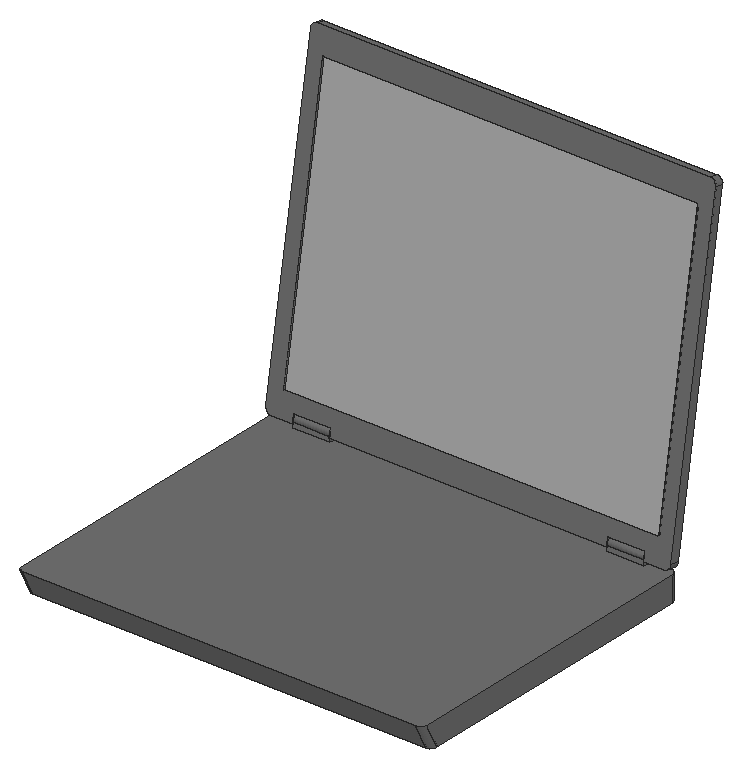
Revit family "laptop_2913", category Специальное оборудование, Revit 2017
Family settings
  Размер круглого соединителя = Использовать диаметр
  Тип детали = Не определено
  На основе рабочей плоскости = Да
  Всегда вертикально = Да
  При загрузке вырезать с полостями = Нет
  Общий = Нет
  Точка расчета площади = Нет
Parameters
  R = 5 mm
  Default Elevation = 1219.2 mm
Reference planes
  plane 1 "Center (Front/Back)": through (0, -4.238, -0.682) normal (0, -0.9848, 0.1736)
  plane 2: z = 0
  plane 3 "Center (Left/Right)": x = 0
  plane 4: y = -260
  plane 5: x = -165
  plane 6: x = 165
  plane 7: y = -250
  plane 8: z = 20
  plane 9: through (0, 0.971, 28.862) normal (0, 0.9848, -0.1736)
  plane 10: z = 23
  plane 11: through (-315.771, -1454.206, 552.506) normal (0, 0.1736, 0.9848)
  plane 12: x = -153
  plane 13: x = 153
  plane 14: through (-315.771, -1457.679, 532.81) normal (0, 0.1736, 0.9848)
  plane 15: through (-315.771, -1497.618, 306.305) normal (0, 0.1736, 0.9848)
  plane 16: x = -143
  plane 17: x = 143
  plane 18: x = -113
  plane 19: x = 113
  plane 20: through (-315.771, -1499.876, 293.502) normal (0, 0.1736, 0.9848)
  plane 21: through (0, -2.475, 29.47) normal (0, 0.9848, -0.1736)
  plane 22: y = -180
  plane 23: y = -50
  plane 24: x = -145
  plane 25: x = 145
  plane 26: y = -40
  plane 27: x = 90
  plane 28: x = 35
  plane 29: x = -35
  plane 30: y = -190
Forms (mm)
  Blend 1, solid
    base sketch origin (0, 0, 0) x (1, 0, 0) y (0, 1, 0)
      loop
        arc (-160, 0) -> (-163.536, -1.464) -> (-165, -5) r 5
        line (-165, -5) -> (-165, -245)
        arc (-165, -245) -> (-163.536, -248.536) -> (-160, -250) r 5
        line (-160, -250) -> (160, -250)
        arc (160, -250) -> (163.536, -248.536) -> (165, -245) r 5
        line (165, -245) -> (165, -5)
        arc (165, -5) -> (163.536, -1.464) -> (160, 0) r 5
        line (160, 0) -> (-160, 0)
    top sketch origin (0, 0, 0) x (1, 0, 0) y (0, 1, 0)
      loop
        arc (-160, 0) -> (-163.536, -1.464) -> (-165, -5) r 5
        line (-165, -5) -> (-165, -255)
        arc (-165, -255) -> (-163.536, -258.536) -> (-160, -260) r 5
        line (-160, -260) -> (160, -260)
        arc (160, -260) -> (163.536, -258.536) -> (165, -255) r 5
        line (165, -255) -> (165, -5)
        arc (165, -5) -> (163.536, -1.464) -> (160, 0) r 5
        line (160, 0) -> (-160, 0)
    from 0 to 20
  Extrusion 2, solid
    sketch origin (0, 0.971, 28.862) x (0, -0.173648, -0.984808) y (-1, 0, 0)
      loop
        line (-263, 160) -> (-263, -160)
        arc (-263, -160) -> (-261.536, -163.536) -> (-258, -165) r 5
        line (-258, -165) -> (2, -165)
        arc (2, -165) -> (5.536, -163.536) -> (7, -160) r 5
        line (7, -160) -> (7, 160)
        arc (7, 160) -> (5.536, 163.536) -> (2, 165) r 5
        line (2, 165) -> (-258, 165)
        arc (-258, 165) -> (-261.536, 163.536) -> (-263, 160) r 5
    from 0 to -7
  Extrusion 3, void
    sketch origin (0, 0.971, 28.862) x (0, 0.173648, 0.984808) y (-1, 0, 0)
      loop
        line (243, 153) -> (13, 153) -> (13, -153) -> (243, -153) -> (243, 153)
    from 2 to 7
  Extrusion 4, solid
    sketch origin (0, 0.971, 28.862) x (0, -0.173648, -0.984808) y (-1, 0, 0)
      loop
        line (-243, 153) -> (-243, -153) -> (-13, -153) -> (-13, 153) -> (-243, 153)
    from -2 to -6
  Extrusion 5, void
    sketch origin (0, 0.971, 28.862) x (0, 0.173648, 0.984808) y (-1, 0, 0)
      loop
        line (0, 143) -> (-7, 143) -> (-7, 113) -> (0, 113) -> (0, 143)
      loop
        line (0, -113) -> (-7, -113) -> (-7, -143) -> (0, -143) -> (0, -113)
    from 0 to 7
  Extrusion 6, solid
    sketch origin (0, -4.238, -0.682) x (0, 0.984808, -0.173648) y (0, 0.173648, 0.984808)
      loop
        arc (-1.017, 23.845) -> (-3.476, 29.811) -> (-6.017, 23.879) r 3.5
        line (-6.017, 23.879) -> (-6.017, 20) -> (-1.017, 20) -> (-1.017, 23.845)
    from -143 to -113
  Extrusion 7, solid
    sketch origin (256, -4.238, -0.682) x (0, 0.984808, -0.173648) y (0, 0.173648, 0.984808)
      loop
        arc (-1.017, 23.845) -> (-3.476, 29.811) -> (-6.017, 23.879) r 3.5
        line (-6.017, 23.879) -> (-6.017, 20) -> (-1.017, 20) -> (-1.017, 23.845)
    from -143 to -113
Cuts and joins
  Extrusion 3, Extrusion 5 cuts Extrusion 2
Lines and regions (mm)
  model lines
    curve 1: line (140, -180, 20) -> (-140, -180, 20)
    curve 2: line (-145, -55, 20) -> (-145, -175, 20)
    curve 3: line (90, -50, 20) -> (-140, -50, 20)
    curve 4: line (90, -45, 20) -> (90, -50, 20)
    curve 5: line (145, -45, 20) -> (145, -175, 20)
    curve 6: line (140, -40, 20) -> (95, -40, 20)
    curve 7: arc (-140, -50, 20) -> (-143.536, -51.464, 20) -> (-145, -55, 20) r 5
    curve 8: arc (-145, -175, 20) -> (-143.536, -178.536, 20) -> (-140, -180, 20) r 5
    curve 9: arc (140, -180, 20) -> (143.536, -178.536, 20) -> (145, -175, 20) r 5
    curve 10: arc (140, -40, 20) -> (143.536, -41.464, 20) -> (145, -45, 20) r 5
    curve 11: arc (95, -40, 20) -> (91.464, -41.464, 20) -> (90, -45, 20) r 5
    curve 12: line (-30, -190, 20) -> (30, -190, 20)
    curve 13: line (-35, -245, 20) -> (-35, -195, 20)
    curve 14: line (30, -250, 20) -> (-30, -250, 20)
    curve 15: line (35, -195, 20) -> (35, -245, 20)
    curve 16: arc (-30, -190, 20) -> (-33.536, -191.464, 20) -> (-35, -195, 20) r 5
    curve 17: arc (30, -190, 20) -> (33.536, -191.464, 20) -> (35, -195, 20) r 5
    curve 18: arc (35, -245, 20) -> (33.536, -248.536, 20) -> (30, -250, 20) r 5
    curve 19: arc (-35, -245, 20) -> (-33.536, -248.536, 20) -> (-30, -250, 20) r 5
    curve 20: line (-35, -245, 20) -> (35, -245, 20)
    curve 21: line (-35, -237, 20) -> (35, -237, 20)
    curve 22: line (0, -237, 20) -> (0, -245, 20)
    curve 23: line (-142.5, -55, 20) -> (-142.5, -167.5, 20)
    curve 24: line (142.5, -42.5, 20) -> (142.5, -174.865, 20)
    curve 25: line (-142.5, -55, 20) -> (92.5, -55, 20)
    curve 26: line (-142.5, -67.5, 20) -> (142.5, -67.5, 20)
    curve 27: line (-142.5, -87.5, 20) -> (142.5, -87.5, 20)
    curve 28: line (-142.5, -107.5, 20) -> (142.5, -107.5, 20)
    curve 29: line (-142.5, -127.5, 20) -> (142.5, -127.5, 20)
    curve 30: line (-142.5, -147.5, 20) -> (142.5, -147.5, 20)
    curve 31: line (-142.5, -167.5, 20) -> (89.5, -167.5, 20)
    curve 32: line (-123.5, -67.5, 20) -> (-123.5, -87.5, 20)
    curve 33: line (-104.5, -67.5, 20) -> (-104.5, -87.5, 20)
    curve 34: line (-85.5, -67.5, 20) -> (-85.5, -87.5, 20)
    curve 35: line (-66.5, -67.5, 20) -> (-66.5, -87.5, 20)
    curve 36: line (-47.5, -67.5, 20) -> (-47.5, -87.5, 20)
    curve 37: line (-28.5, -67.5, 20) -> (-28.5, -87.5, 20)
    curve 38: line (-9.5, -67.5, 20) -> (-9.5, -87.5, 20)
    curve 39: line (9.5, -67.5, 20) -> (9.5, -87.5, 20)
    curve 40: line (28.5, -67.5, 20) -> (28.5, -87.5, 20)
    curve 41: line (47.5, -67.5, 20) -> (47.5, -87.5, 20)
    curve 42: line (66.5, -67.5, 20) -> (66.5, -87.5, 20)
    curve 43: line (85.5, -67.5, 20) -> (85.5, -87.5, 20)
    curve 44: line (104.5, -67.5, 20) -> (104.5, -87.5, 20)
    curve 45: line (-114, -87.5, 20) -> (-114, -107.5, 20)
    curve 46: line (-95, -87.5, 20) -> (-95, -107.5, 20)
    curve 47: line (-76, -87.5, 20) -> (-76, -107.5, 20)
    curve 48: line (-57, -87.5, 20) -> (-57, -107.5, 20)
    curve 49: line (-38, -87.5, 20) -> (-38, -107.5, 20)
    curve 50: line (-19, -87.5, 20) -> (-19, -107.5, 20)
    curve 51: line (0, -87.5, 20) -> (0, -107.5, 20)
    curve 52: line (19, -87.5, 20) -> (19, -107.5, 20)
    curve 53: line (38, -87.5, 20) -> (38, -107.5, 20)
    curve 54: line (57, -87.5, 20) -> (57, -107.5, 20)
    curve 55: line (76, -87.5, 20) -> (76, -107.5, 20)
    curve 56: line (95, -87.5, 20) -> (95, -107.5, 20)
    curve 57: line (114, -87.5, 20) -> (114, -107.5, 20)
    curve 58: line (-109, -107.5, 20) -> (-109, -127.5, 20)
    curve 59: line (-90, -107.5, 20) -> (-90, -127.5, 20)
    curve 60: line (-71, -107.5, 20) -> (-71, -127.5, 20)
    curve 61: line (-52, -107.5, 20) -> (-52, -127.5, 20)
    curve 62: line (-33, -107.5, 20) -> (-33, -127.5, 20)
    curve 63: line (-14, -107.5, 20) -> (-14, -127.5, 20)
    curve 64: line (5, -107.5, 20) -> (5, -127.5, 20)
    curve 65: line (24, -107.5, 20) -> (24, -127.5, 20)
    curve 66: line (43, -107.5, 20) -> (43, -127.5, 20)
    curve 67: line (62, -107.5, 20) -> (62, -127.5, 20)
    curve 68: line (81, -107.5, 20) -> (81, -127.5, 20)
    curve 69: line (100, -107.5, 20) -> (100, -127.5, 20)
    curve 70: line (-100.5, -127.5, 20) -> (-100.5, -147.5, 20)
    curve 71: line (-81.5, -127.5, 20) -> (-81.5, -147.5, 20)
    curve 72: line (-62.5, -127.5, 20) -> (-62.5, -147.5, 20)
    curve 73: line (-43.5, -127.5, 20) -> (-43.5, -147.5, 20)
    curve 74: line (-24.5, -127.5, 20) -> (-24.5, -147.5, 20)
    curve 75: line (-5.5, -127.5, 20) -> (-5.5, -147.5, 20)
    curve 76: line (13.5, -127.5, 20) -> (13.5, -147.5, 20)
    curve 77: line (32.5, -127.5, 20) -> (32.5, -147.5, 20)
    curve 78: line (51.5, -127.5, 20) -> (51.5, -147.5, 20)
    curve 79: line (70.5, -127.5, 20) -> (70.5, -147.5, 20)
    curve 80: line (89.5, -127.5, 20) -> (89.5, -147.5, 20)
    curve 81: line (-100.5, -147.5, 20) -> (-100.5, -167.5, 20)
    curve 82: line (-81.5, -147.5, 20) -> (-81.5, -167.5, 20)
    curve 83: line (-62.5, -147.5, 20) -> (-62.5, -167.5, 20)
    curve 84: line (51.5, -147.5, 20) -> (51.5, -167.5, 20)
    curve 85: line (70.5, -147.5, 20) -> (70.5, -167.5, 20)
    curve 86: line (89.5, -147.5, 20) -> (89.5, -174.865, 20)
    curve 87: line (-119.5, -147.5, 20) -> (-119.5, -167.5, 20)
    curve 88: line (142.5, -42.5, 20) -> (92.5, -42.5, 20)
    curve 89: line (92.5, -42.5, 20) -> (92.5, -67.5, 20)
    curve 90: line (92.5, -55, 20) -> (142.5, -55, 20)
    curve 91: line (109.5, -42.5, 20) -> (109.5, -67.5, 20)
    curve 92: line (126.5, -42.5, 20) -> (126.5, -67.5, 20)
    curve 93: line (92.5, -55, 20) -> (92.5, -67.5, 20)
    curve 94: line (-142.5, -55, 20) -> (-142.5, -67.5, 20)
    curve 95: line (74.423, -55, 20) -> (74.423, -67.5, 20)
    curve 96: line (56.346, -55, 20) -> (56.346, -67.5, 20)
    curve 97: line (38.269, -55, 20) -> (38.269, -67.5, 20)
    curve 98: line (20.192, -55, 20) -> (20.192, -67.5, 20)
    curve 99: line (2.115, -55, 20) -> (2.115, -67.5, 20)
    curve 100: line (-15.962, -55, 20) -> (-15.962, -67.5, 20)
    curve 101: line (-34.038, -55, 20) -> (-34.038, -67.5, 20)
    curve 102: line (-52.115, -55, 20) -> (-52.115, -67.5, 20)
    curve 103: line (-70.192, -55, 20) -> (-70.192, -67.5, 20)
    curve 104: line (-88.269, -55, 20) -> (-88.269, -67.5, 20)
    curve 105: line (-106.346, -55, 20) -> (-106.346, -67.5, 20)
    curve 106: line (-124.423, -55, 20) -> (-124.423, -67.5, 20)
    curve 107: line (107.027, -147.5, 20) -> (107.027, -174.865, 20)
    curve 108: line (89.5, -174.865, 20) -> (142.5, -174.865, 20)
    curve 109: line (124.464, -174.865, 20) -> (124.464, -147.5, 20)
    curve 110: line (124.464, -161.182, 20) -> (142.5, -161.182, 20)
    curve 111: line (124.464, -161.182, 20) -> (89.5, -161.182, 20)
    curve 112: line (-143, -40, 20) -> (-113, -40, 20)
    curve 113: line (-143, -45.586, 20) -> (-143, -40, 20)
    curve 114: line (-113, -45.586, 20) -> (-143, -45.586, 20)
    curve 115: line (-113, -40, 20) -> (-113, -45.586, 20)
Dimensions and locks
  plane 8 to plane 2 = 20 mm
  locked: plane 10 to plane 8 at 3
  locked: plane 12 to plane 5 at 12
  locked: plane 13 to plane 6 at 12
  plane 18 to plane 16 to plane 5 = 30 mm locked, 22 mm locked
  plane 19 to plane 17 to plane 6 = 30 mm locked, 22 mm locked
  locked: plane 9 to plane 21 at 3.5
  plane 4 to plane 22 to plane 23 to plane 26 = 80 mm locked, 130 mm locked, 10 mm locked
  plane 24 to plane 3 "Center (Left/Right)" to plane 25 = 145 mm locked, 145 mm
  locked: plane 27 to plane 25 at 55
  plane 29 to plane 3 "Center (Left/Right)" to plane 28 = 35 mm locked, 35 mm locked
  locked: plane 30 to plane 22 at 10
  curve 23 to plane 3 "Center (Left/Right)" = 142.5 mm
  equal spacing: group 2, group 14, group 13, group 12, group 11, group 10, group 9, group 8, group 7, group 6, group 5, group 4, group 3, group 1
  equal spacing: group 1, group 3, group 4, group 5, group 6, group 7, group 8, group 9, group 10, group 11, group 12, group 13, group 14, group 2  (x2)
  "R": radius of Blend 1 sketch curve  (x8)
  "R": radius of Extrusion 2 sketch curve  (x4)
  aligned and locked: plane 6 to Blend 1 sketch curve  (x2)
  aligned and locked: plane 5 to Blend 1 sketch curve  (x2)
  aligned and locked: Blend 1 sketch curve to plane 7
  aligned and locked: Blend 1 sketch curve to plane 4
  aligned and locked: plane 8 to Blend 1
  aligned and locked: plane 11 to Extrusion 2 sketch curve
  aligned and locked: Extrusion 2 sketch curve to plane 6
  aligned and locked: plane 12 to Extrusion 3 sketch curve
  aligned and locked: Extrusion 3 sketch curve to plane 14
  aligned and locked: plane 15 to Extrusion 3 sketch curve
  aligned and locked: plane 13 to Extrusion 3 sketch curve
  aligned and locked: cut or joined group of Extrusion 2, Extrusion 3, Extrusion 5 to Extrusion 4 sketch curve
  aligned and locked: Extrusion 4 sketch curve to cut or joined group of Extrusion 2, Extrusion 3, Extrusion 5  (x3)
  aligned and locked: plane 16 to Extrusion 5 sketch curve
  aligned and locked: Extrusion 5 sketch curve to plane 20  (x2)
  aligned and locked: Extrusion 5 sketch curve to plane 18
  aligned and locked: plane 19 to Extrusion 5 sketch curve
  aligned and locked: plane 17 to Extrusion 5 sketch curve
  aligned and locked: cut or joined group of Extrusion 2, Extrusion 3, Extrusion 5 to Extrusion 6
  aligned and locked: Extrusion 6 to cut or joined group of Extrusion 2, Extrusion 3, Extrusion 5
  aligned and locked: cut or joined group of Extrusion 2, Extrusion 3, Extrusion 5 to Extrusion 7
  aligned and locked: Extrusion 7 to cut or joined group of Extrusion 2, Extrusion 3, Extrusion 5
  aligned and locked: curve 1 to plane 22
  aligned and locked: curve 2 to plane 24
  aligned and locked: curve 3 to plane 23
  aligned and locked: plane 27 to curve 4
  aligned and locked: plane 25 to curve 5
  aligned and locked: curve 6 to plane 26
  aligned and locked: plane 30 to curve 12
  aligned and locked: curve 15 to plane 28
Automatic sketch dimensions
  Extrusion 2 sketch curve to plane 5 = 0 mm
  Extrusion 6 sketch curve to plane 21 = 0 mm
  Extrusion 6 sketch curve to plane 21 = 2.517 mm
  plane 1 "Center (Front/Back)" to Extrusion 6 sketch curve = 1.017 mm
  Extrusion 6 sketch curve to plane 20 = 10 mm
  Extrusion 6 sketch curve to Extrusion 6 sketch curve = 3.845 mm
  Extrusion 6 sketch curve to Extrusion 6 sketch curve = 3.879 mm
  Extrusion 7 sketch curve to plane 21 = 0 mm
  Extrusion 7 sketch curve to plane 21 = 2.517 mm
  plane 1 "Center (Front/Back)" to Extrusion 7 sketch curve = 1.017 mm
  Extrusion 7 sketch curve to plane 20 = 10 mm
  Extrusion 7 sketch curve to Extrusion 7 sketch curve = 3.845 mm
  Extrusion 7 sketch curve to Extrusion 7 sketch curve = 3.879 mm
  curve 18 to plane 7 = 0 mm
  curve 22 to plane 3 "Center (Left/Right)" = 0 mm
  curve 51 to plane 3 "Center (Left/Right)" = 0 mm
  curve 20 to plane 29 = 0 mm
  curve 115 to plane 18 = 0 mm
  curve 112 to plane 16 = 0 mm
  curve 115 to plane 26 = 0 mm
  plane 17 to curve 90 = 0.5 mm
  curve 24 to curve 9 = 2.5 mm
  plane 17 to curve 10 = 3 mm
  plane 26 to curve 92 = 2.5 mm
  curve 92 to plane 19 = 13.5 mm
  curve 110 to plane 19 = 11.464 mm
  curve 57 to plane 19 = 1 mm
  plane 19 to curve 91 = 3.5 mm
  plane 19 to curve 107 = 5.973 mm
  plane 19 to curve 44 = 8.5 mm
  curve 69 to plane 27 = 10 mm
  curve 69 to curve 56 = 5 mm
  curve 6 to plane 27 = 5 mm
  curve 89 to plane 27 = 2.5 mm
  plane 27 to curve 111 = 0.5 mm
  plane 27 to curve 80 = 0.5 mm
  plane 27 to curve 43 = 4.5 mm
  curve 80 to curve 68 = 8.5 mm
  curve 68 to curve 55 = 5 mm
  curve 80 to curve 85 = 19 mm
  curve 68 to curve 79 = 10.5 mm
  curve 43 to curve 42 = 19 mm
  curve 79 to curve 67 = 8.5 mm
  curve 67 to curve 54 = 5 mm
  plane 28 to curve 84 = 16.5 mm
  curve 78 to curve 84 = 0 mm
  curve 54 to curve 41 = 9.5 mm
  plane 28 to curve 66 = 8 mm
  plane 28 to curve 53 = 3 mm
  curve 77 to plane 28 = 2.5 mm
  curve 17 to plane 28 = 5 mm
  curve 18 to plane 28 = 5 mm
  curve 40 to plane 28 = 6.5 mm
  curve 77 to curve 65 = 8.5 mm
  curve 65 to curve 52 = 5 mm
  curve 65 to curve 76 = 10.5 mm
  plane 3 "Center (Left/Right)" to curve 39 = 9.5 mm
  plane 3 "Center (Left/Right)" to curve 64 = 5 mm
  curve 75 to plane 3 "Center (Left/Right)" = 5.5 mm
  curve 51 to curve 38 = 9.5 mm
  curve 75 to curve 63 = 8.5 mm
  curve 63 to curve 50 = 5 mm
  curve 74 to plane 29 = 10.5 mm
  curve 37 to plane 29 = 6.5 mm
  curve 16 to plane 29 = 5 mm
  curve 62 to plane 29 = 2 mm
  plane 29 to curve 49 = 3 mm
  plane 29 to curve 73 = 8.5 mm
  plane 29 to curve 36 = 12.5 mm
  curve 73 to curve 61 = 8.5 mm
  curve 36 to curve 48 = 9.5 mm
  curve 73 to curve 83 = 19 mm
  curve 72 to curve 83 = 0 mm
  curve 36 to curve 35 = 19 mm
  curve 48 to curve 60 = 14 mm
  curve 35 to curve 47 = 9.5 mm
  curve 72 to curve 82 = 19 mm
  curve 60 to curve 71 = 10.5 mm
  curve 35 to curve 34 = 19 mm
  curve 47 to curve 59 = 14 mm
  curve 59 to curve 46 = 5 mm
  plane 18 to curve 81 = 12.5 mm
  curve 70 to curve 81 = 0 mm
  plane 18 to curve 33 = 8.5 mm
  plane 18 to curve 58 = 4 mm
  curve 45 to plane 18 = 1 mm
  curve 87 to plane 18 = 6.5 mm
  curve 32 to plane 18 = 10.5 mm
  curve 7 to curve 23 = 2.5 mm
  plane 16 to curve 8 = 3 mm
  curve 113 to plane 23 = 4.414 mm
  plane 23 to curve 90 = 5 mm
  curve 25 to curve 7 = 0 mm
  plane 23 to curve 35 = 17.5 mm
  curve 43 to curve 55 = 20 mm
  curve 53 to curve 53 = 20 mm
  curve 66 to curve 66 = 20 mm
  curve 76 to curve 76 = 20 mm
  curve 80 to curve 111 = 13.682 mm
  curve 30 to curve 110 = 13.682 mm
  curve 87 to plane 22 = 12.5 mm
  curve 86 to plane 22 = 5.135 mm
  curve 21 to curve 15 = 8 mm
  Extrusion 2 sketch curve to plane 20 = 2 mm
  Blend 1 sketch curve to plane 26 = 35 mm  (x2)
